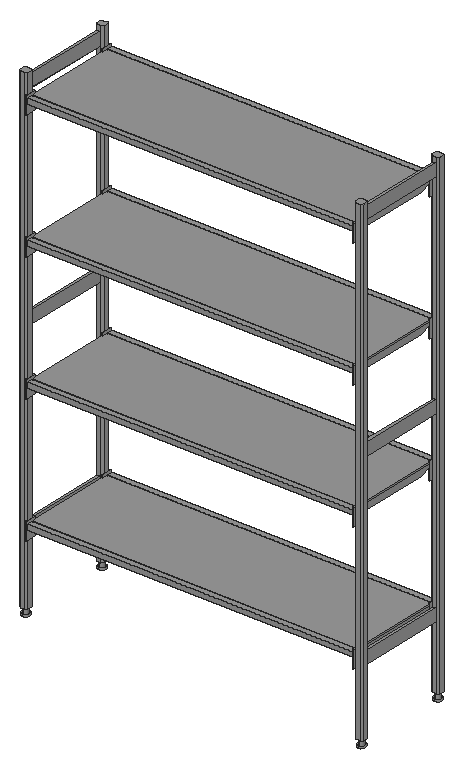
Revit family "QF_ELECTROLUXPROFESSIONAL_137015_ALS1216", category Attrezzature speciali, Revit 2020
Family settings
  Quota connettore circolare = Usa diametro
  Tipo di parte = Normale
  Basato su piano di lavoro = No
  Sempre verticale = Sì
  Taglio con vuoti quando caricato = No
  Condiviso = No
  Punto di calcolo locali = No
Parameters (values of type "Standard")
  Weight = 21.00 kg
  Watts = 0 W
  Volts = 0 V
  URL Manufacturer = "https://www.electroluxprofessional.com/"
  URL = "https://www.electroluxprofessional.com/"
  Steam Supply Size = 0 mm
  Steam Supply Minimum Pressure = 0.0 Pa
  Steam Supply Maximum Pressure = 0.0 Pa
  Steam Consumption per Hour = 0
  Refrigeration Suction Line Size = 0.0 mm
  Refrigeration Liquid Line Size = 0.0 mm
  Refrigerant Compressor Remote = yes
  Prospetto di default = 0.0 mm
  Phase = 0
  Modello = "ALS1216"
  Produttore = "Electrolux Professional"
  Length Actual = 1216.0 mm  # constant formula
  Item Number = "137015"
  Hot Water Size = 0 mm
  Height Actual = 1700.0 mm  # constant formula
  HP = "0 HP"
  Gas Size = 0 mm
  Gas KW = 0
  Gas Input Pressure = 0 W
  Direct Waste Size = 0 mm
  Descrizione = "ALUM.LINEAR SHELV.-POLY.TIERS-373X1216MM"
  Depth Actual = 373.0 mm  # constant formula
  Cycle = 0 Hz
  Condensate Return Size = 0 mm
  Compressed Air Volume = 0.0 L/s
  Compressed Air Size = 0 mm
  Compressed Air Pressure = 0.0 Pa
  Cold Water Size = 0 mm
  Accessory = yes
Reference planes
  plane 1: z = 0
  plane 2 "Center (Left/Right)": x = -31
  plane 3 "LEFT": x = -639
  plane 4 "RIGHT": x = 577
  plane 5 "BACK": y = 23
  plane 6 "FRONT": y = -350
  plane 7 "TOP": z = 1700
  plane 8: x = 572
  plane 9: x = -607
  plane 10: x = 545
  plane 11 "Center (Front/Back)": y = -163.5
  plane 12: x = 540
  plane 13: y = -8.5
  plane 14: y = -318.5
  plane 15 "FEET": z = 25
  plane 16: z = 275
  plane 17: z = 725
  plane 18: z = 1175
  plane 19: z = 1625
  plane 20 "CXLeft": x = -625
  plane 21 "CXRight": x = 563
  plane 22: y = 5.5
  plane 23 "CYBack": y = 5.5
  plane 24 "CYFront": y = -332.5
Forms (mm)
  Extrusion 1, solid, material "QF_Aluminum"
    sketch origin (-639, 0, 0) x (0, 1, 0) y (0, 0, 1)
      loop
        line (4, 1650.994) -> (4, 1632.998) -> (23, 1632.998) -> (23, 1650.994) -> (4, 1650.994)
      loop
        line (-331, 1650.994) -> (-350, 1650.994) -> (-350, 1632.998) -> (-331, 1632.998) -> (-331, 1650.994)
      loop
        line (4, 1200.994) -> (4, 1182.998) -> (23, 1182.998) -> (23, 1200.994) -> (4, 1200.994)
      loop
        line (-331, 1200.994) -> (-350, 1200.994) -> (-350, 1182.998) -> (-331, 1182.998) -> (-331, 1200.994)
      loop
        line (4, 750.994) -> (4, 732.998) -> (23, 732.998) -> (23, 750.994) -> (4, 750.994)
      loop
        line (-331, 750.994) -> (-350, 750.994) -> (-350, 732.998) -> (-331, 732.998) -> (-331, 750.994)
      loop
        line (4, 300.994) -> (4, 282.998) -> (23, 282.998) -> (23, 300.994) -> (4, 300.994)
      loop
        line (-331, 300.994) -> (-350, 300.994) -> (-350, 282.998) -> (-331, 282.998) -> (-331, 300.994)
    from 32 to 1184
  Extrusion 2, solid, material "QF_Polyethylene"
    sketch origin (-639, 0, 0) x (0, 1, 0) y (0, 0, 1)
      loop
        line (2.007, 1650.994) -> (-329, 1650.994) -> (-329, 1644.496) -> (2.007, 1644.496) -> (2.007, 1650.994)
      loop
        line (2.007, 1200.994) -> (-329, 1200.994) -> (-329, 1194.496) -> (2.007, 1194.496) -> (2.007, 1200.994)
      loop
        line (2.007, 750.994) -> (-329, 750.994) -> (-329, 744.496) -> (2.007, 744.496) -> (2.007, 750.994)
      loop
        line (2.007, 300.994) -> (-329, 300.994) -> (-329, 294.496) -> (2.007, 294.496) -> (2.007, 300.994)
    from 32 to 1184
  Extrusion 3, solid, material "QF_Aluminum"
    sketch origin (577, 0, 0) x (0, 1, 0) y (0, 0, 1)
      loop
        line (-12, 1632.998) -> (4, 1632.998) -> (4, 1650.994) -> (2.007, 1650.994) -> (2.007, 1644.496) -> (-329, 1644.496) -> (-329, 1650.994) -> (-331, 1650.994) -> (-331, 1632.998) -> (-315, 1632.998) -> (-281, 1620.994) -> (-46, 1620.994) -> (-12, 1632.998)
      loop
        line (-12, 1182.998) -> (4, 1182.998) -> (4, 1200.994) -> (2.007, 1200.994) -> (2.007, 1194.496) -> (-329, 1194.496) -> (-329, 1200.994) -> (-331, 1200.994) -> (-331, 1182.998) -> (-315, 1182.998) -> (-281, 1170.994) -> (-46, 1170.994) -> (-12, 1182.998)
      loop
        line (-12, 732.998) -> (4, 732.998) -> (4, 750.994) -> (2.007, 750.994) -> (2.007, 744.496) -> (-329, 744.496) -> (-329, 750.994) -> (-331, 750.994) -> (-331, 732.998) -> (-315, 732.998) -> (-281, 720.994) -> (-46, 720.994) -> (-12, 732.998)
      loop
        line (-12, 282.998) -> (4, 282.998) -> (4, 300.994) -> (2.007, 300.994) -> (2.007, 294.496) -> (-329, 294.496) -> (-329, 300.994) -> (-331, 300.994) -> (-331, 282.998) -> (-315, 282.998) -> (-281, 270.994) -> (-46, 270.994) -> (-12, 282.998)
    from -32 to -37
Lines and regions (mm)
  symbolic lines
    curve 1: line (545, 4, 1700) -> (-607, 4, 1700)
    curve 2: line (-611, 23, 1700) -> (549, 23, 1700)
    curve 3: line (549, 13.246, 1700) -> (555.254, 19.5, 1700)
    curve 4: line (555.254, -8.5, 1700) -> (549, -2.246, 1700)
    curve 5: line (555.254, -318.5, 1700) -> (549, -324.754, 1700)
    curve 6: line (-611, -350, 1700) -> (549, -350, 1700)
    curve 7: line (549, 23, 1700) -> (549, -12.993, 1700)
    curve 8: line (549, -12.993, 1700) -> (545, -12.993, 1700)
    curve 9: line (549, -350, 1700) -> (549, -314.007, 1700)
    curve 10: line (549, -314.007, 1700) -> (545, -314.007, 1700)
    curve 11: line (-607, -12.993, 1700) -> (-607, -314.007, 1700)
    curve 12: line (-607, -331, 1700) -> (545, -331, 1700)
    curve 13: line (545, -12.993, 1700) -> (545, -314.007, 1700)
Dimensions and locks
  locked: plane 3 "LEFT" to plane 4 "RIGHT" at 1216
  equal spacing: plane 3 "LEFT", plane 2 "Center (Left/Right)", plane 4 "RIGHT"
  locked: plane 7 "TOP" to level at 1700
  locked: plane 5 "BACK" to plane 6 "FRONT" at 373
  locked: plane 4 "RIGHT" to plane 8 at 5
  locked: plane 9 to plane 10 at 1152
  locked: plane 3 "LEFT" to plane 9 at 32
  plane 12 to plane 10 = 5.0 mm
  locked: plane 13 to plane 14 at 310
  equal spacing: plane 13, plane 11 "Center (Front/Back)", plane 14
  equal spacing: plane 5 "BACK", plane 11 "Center (Front/Back)", plane 6 "FRONT"
  plane 15 "FEET" to level = 25.0 mm
  plane 7 "TOP" to plane 15 "FEET" = 1675.0 mm
  plane 16 to plane 15 "FEET" = 250.0 mm
  plane 17 to plane 16 = 450.0 mm
  plane 18 to plane 17 = 450.0 mm
  plane 19 to plane 18 = 450.0 mm
  locked: plane 3 "LEFT" to plane 20 "CXLeft" at 14
  locked: plane 21 "CXRight" to plane 4 "RIGHT" at 14
  locked: plane 5 "BACK" to plane 23 "CYBack" at 17.5
  locked: plane 24 "CYFront" to plane 6 "FRONT" at 17.5
  aligned and locked: level to plane 1
  aligned and locked: plane 9 to Extrusion 2
  aligned and locked: Extrusion 2 to plane 10
  aligned and locked: plane 9 to Extrusion 1
  aligned and locked: Extrusion 1 to plane 10
  aligned and locked: Extrusion 1 sketch curve to Extrusion 1 sketch curve  (x2)
  aligned and locked: Extrusion 3 sketch curve to Extrusion 3 sketch curve  (x3)
  aligned and locked: Extrusion 3 to plane 12
  aligned and locked: Extrusion 3 to plane 10
  aligned and locked: plane 20 "CXLeft" to nested 1
  aligned and locked: plane 21 "CXRight" to nested 2
Automatic sketch dimensions
  Extrusion 1 sketch curve to plane 6 "FRONT" = 0.0 mm  (x4)
  Extrusion 1 sketch curve to plane 5 "BACK" = 0.0 mm  (x4)
  plane 24 "CYFront" to Extrusion 1 sketch curve = 1.5 mm  (x2)
  plane 22 to Extrusion 1 sketch curve = 1.5 mm  (x4)
  plane 16 to Extrusion 1 sketch curve = 7.998 mm  (x2)
  Extrusion 1 sketch curve to Extrusion 1 sketch curve = 17.997 mm  (x8)
  plane 17 to Extrusion 1 sketch curve = 7.998 mm  (x2)
  plane 18 to Extrusion 1 sketch curve = 7.998 mm  (x2)
  plane 19 to Extrusion 1 sketch curve = 7.998 mm  (x2)
  plane 24 "CYFront" to Extrusion 2 sketch curve = 3.5 mm  (x4)
  plane 22 to Extrusion 2 sketch curve = 3.493 mm  (x4)
  plane 16 to Extrusion 2 sketch curve = 19.496 mm
  Extrusion 2 sketch curve to Extrusion 2 sketch curve = 6.499 mm  (x4)
  plane 17 to Extrusion 2 sketch curve = 19.496 mm
  plane 18 to Extrusion 2 sketch curve = 19.496 mm
  plane 19 to Extrusion 2 sketch curve = 19.496 mm
  plane 24 "CYFront" to Extrusion 3 sketch curve = 1.5 mm  (x4)
  Extrusion 3 sketch curve to Extrusion 3 sketch curve = 2.0 mm
  plane 14 to Extrusion 3 sketch curve = 3.5 mm  (x4)
  Extrusion 3 sketch curve to plane 16 = 4.006 mm
  Extrusion 3 sketch curve to Extrusion 3 sketch curve = 34.0 mm  (x4)
  Extrusion 3 sketch curve to plane 17 = 4.006 mm
  Extrusion 3 sketch curve to plane 18 = 4.006 mm
  Extrusion 3 sketch curve to plane 19 = 4.006 mm
  Extrusion 3 sketch curve to plane 13 = 37.5 mm  (x4)
  Extrusion 3 sketch curve to plane 13 = 3.5 mm  (x4)
  plane 22 to Extrusion 3 sketch curve = 3.493 mm  (x4)
  plane 22 to Extrusion 3 sketch curve = 1.5 mm  (x4)
  plane 16 to Extrusion 3 sketch curve = 7.998 mm  (x2)
  Extrusion 3 sketch curve to Extrusion 3 sketch curve = 11.498 mm  (x4)
  Extrusion 3 sketch curve to Extrusion 3 sketch curve = 6.499 mm  (x8)
  plane 17 to Extrusion 3 sketch curve = 7.998 mm  (x2)
  plane 18 to Extrusion 3 sketch curve = 7.998 mm  (x2)
  plane 19 to Extrusion 3 sketch curve = 7.998 mm  (x2)
  curve 6 to plane 6 "FRONT" = 0.0 mm
  curve 12 to plane 9 = 0.0 mm
  curve 12 to plane 10 = 0.0 mm
  curve 5 to plane 14 = 0.0 mm
  curve 11 to plane 9 = 0.0 mm
  curve 8 to plane 10 = 0.0 mm
  curve 4 to plane 13 = 0.0 mm
  curve 1 to plane 9 = 0.0 mm
  curve 1 to plane 10 = 0.0 mm
  curve 2 to plane 5 "BACK" = 0.0 mm
  plane 14 to curve 10 = 4.493 mm
  curve 7 to plane 13 = 4.493 mm
  curve 10 to plane 10 = 4.0 mm
  curve 7 to plane 10 = 4.0 mm
  plane 24 "CYFront" to curve 12 = 1.5 mm
  curve 5 to plane 14 = 6.254 mm
  plane 14 to curve 11 = 4.493 mm
  curve 11 to plane 13 = 4.493 mm
  plane 13 to curve 4 = 6.254 mm
  plane 22 to curve 1 = 1.5 mm
  curve 3 to plane 22 = 7.746 mm
  curve 3 to plane 5 "BACK" = 3.5 mm
  curve 5 to curve 9 = 6.254 mm
  curve 3 to curve 2 = 6.254 mm
  curve 4 to curve 7 = 6.254 mm
  plane 9 to curve 2 = 4.0 mm
  plane 9 to curve 6 = 4.0 mm
Nested families
  nested 1: "WT_Anta373" at (-222, 0, 0), type "WT_Anta373"
  nested 2: "WT_Anta373" at (160, 0, 0) x (-1, 0, 0) z (0, 0, 1), type "WT_Anta373"
Definition of nested family "WT_Anta373"
  Parameters
    WidthLeft = A + 64.0 mm  # 772.0 mm
    Width = 1606.0 mm
    Right = WidthLeft / 2  # 386.0 mm
    Default Elevation = 0.0 mm
    Left = -WidthLeft / 2  # -386.0 mm
    Height = 1725.0 mm
    FEET = 25.0 mm
    E = 0.0 mm
    Dint = Depth - 63.0 mm  # 310.0 mm
    Dext = Depth - 8.0 mm  # 365.0 mm
    Depth = 373.0 mm
    DX = (WidthLeft - A) / 2  # 32.0 mm
    B = 798.0 mm
    A = 708.0 mm
  Reference planes
    plane 1: z = 0
    plane 2 "LEFT": x = -417
    plane 3 "BACK": y = 23
    plane 4 "FRONT": y = -350
    plane 5 "TOP": z = 1725
    plane 6 "Center (Front/Back)": y = -163.5
    plane 7: y = -8.5
    plane 8: y = -318.5
    plane 9 "FEET": z = 25
    plane 10: z = 275
    plane 11: z = 725
    plane 12: z = 1175
    plane 13: z = 1625
    plane 14 "CXLeft": x = -403
    plane 15: y = 5.5
    plane 16 "CYBack": y = 5.5
    plane 17 "CYFront": y = -332.5
    plane 18: x = -385.031
    plane 19: x = -380.031
  Forms (mm)
    Extrusion 1, solid
      sketch origin (0, 0, 0) x (1, 0, 0) y (0, 1, 0)
        loop
          line (-417, 13.246) -> (-417, -2.246) -> (-410.746, -8.5) -> (-395.254, -8.5) -> (-389, -2.246) -> (-389, 13.246) -> (-395.254, 19.5) -> (-410.746, 19.5) -> (-417, 13.246)
      from 1725 to 25
    Extrusion 2, solid
      sketch origin (-417, 0, 0) x (0, 1, 0) y (0, 0, 1)
        loop
          line (23, 246.005) -> (23, 307.993) -> (-12.993, 307.993) -> (-12.993, 246.005) -> (23, 246.005)
        loop
          line (-350, 246.005) -> (-314.007, 246.005) -> (-314.007, 307.993) -> (-350, 307.993) -> (-350, 246.005)
        loop
          line (23, 696.005) -> (23, 757.993) -> (-12.993, 757.993) -> (-12.993, 696.005) -> (23, 696.005)
        loop
          line (-350, 696.005) -> (-314.007, 696.005) -> (-314.007, 757.993) -> (-350, 757.993) -> (-350, 696.005)
        loop
          line (23, 1146.005) -> (23, 1207.993) -> (-12.993, 1207.993) -> (-12.993, 1146.005) -> (23, 1146.005)
        loop
          line (-350, 1146.005) -> (-314.007, 1146.005) -> (-314.007, 1207.993) -> (-350, 1207.993) -> (-350, 1146.005)
        loop
          line (23, 1596.005) -> (23, 1657.993) -> (-12.993, 1657.993) -> (-12.993, 1596.005) -> (23, 1596.005)
        loop
          line (-350, 1596.005) -> (-314.007, 1596.005) -> (-314.007, 1657.993) -> (-350, 1657.993) -> (-350, 1596.005)
      from 28 to 32
    Revolve 3, solid
      sketch origin (-403, 0, 0) x (0, 1, 0) y (0, 0, 1)
        loop
          line (5.5, 25) -> (5.5, 0) -> (19, 0) -> (19, 5) -> (14, 5) -> (14, 25) -> (5.5, 25)
        axis (5.5, 25) -> (5.5, 0)
      angle from 0 to 360
    Extrusion 4, solid
      sketch origin (-403, 0, 0) x (0, 1, 0) y (0, 0, 1)
        loop
          line (-8.5, 912.382) -> (-8.5, 957.374) -> (-318.5, 957.374) -> (-318.5, 912.382) -> (-8.5, 912.382)
        loop
          line (-8.5, 1662.244) -> (-8.5, 1707.236) -> (-318.5, 1707.236) -> (-318.5, 1662.244) -> (-8.5, 1662.244)
      from -5 to 5
    Revolve 5, solid
      sketch origin (-403, -627, 0) x (0, -1, 0) y (0, 0, 1)
        loop
          line (-294.5, 25) -> (-294.5, 0) -> (-281, 0) -> (-281, 5) -> (-286, 5) -> (-286, 25) -> (-294.5, 25)
        axis (-294.5, 25) -> (-294.5, 0)
      angle from 0 to 360
    Extrusion 6, solid
      sketch origin (0, -627, 0) x (1, 0, 0) y (0, 1, 0)
        loop
          line (-417, 286.754) -> (-410.746, 280.5) -> (-395.254, 280.5) -> (-389, 286.754) -> (-389, 302.246) -> (-395.254, 308.5) -> (-410.746, 308.5) -> (-417, 302.246) -> (-417, 286.754)
      from 1725 to 25
    Extrusion 7, solid
      sketch origin (-417.031, -0.022, 0) x (0, 1, 0) y (0, 0, -1)
        loop
          line (-12, -1632.998) -> (-46, -1620.994) -> (-281, -1620.994) -> (-315, -1632.998) -> (-331, -1632.998) -> (-331, -1650.994) -> (-329, -1650.994) -> (-329, -1644.496) -> (2.007, -1644.496) -> (2.007, -1650.994) -> (4, -1650.994) -> (4, -1632.998) -> (-12, -1632.998)
        loop
          line (-12, -1182.998) -> (-46, -1170.994) -> (-281, -1170.994) -> (-315, -1182.998) -> (-331, -1182.998) -> (-331, -1200.994) -> (-329, -1200.994) -> (-329, -1194.496) -> (2.007, -1194.496) -> (2.007, -1200.994) -> (4, -1200.994) -> (4, -1182.998) -> (-12, -1182.998)
        loop
          line (-12, -732.998) -> (-46, -720.994) -> (-281, -720.994) -> (-315, -732.998) -> (-331, -732.998) -> (-331, -750.994) -> (-329, -750.994) -> (-329, -744.496) -> (2.007, -744.496) -> (2.007, -750.994) -> (4, -750.994) -> (4, -732.998) -> (-12, -732.998)
        loop
          line (-12, -282.998) -> (-46, -270.994) -> (-281, -270.994) -> (-315, -282.998) -> (-331, -282.998) -> (-331, -300.994) -> (-329, -300.994) -> (-329, -294.496) -> (2.007, -294.496) -> (2.007, -300.994) -> (4, -300.994) -> (4, -282.998) -> (-12, -282.998)
      from -32 to -37
    Extrusion 8, solid
      sketch origin (-403, 0, -659.878) x (0, 1, 0) y (0, 0, 1)
        loop
          line (-8.5, 912.382) -> (-8.5, 957.374) -> (-318.5, 957.374) -> (-318.5, 912.382) -> (-8.5, 912.382)
        loop
          line (-8.5, 1572.382) -> (-8.5, 1617.374) -> (-318.5, 1617.374) -> (-318.5, 1572.382) -> (-8.5, 1572.382)
        loop
          line (-8.5, 2322.382) -> (-8.5, 2367.374) -> (-318.5, 2367.374) -> (-318.5, 2322.382) -> (-8.5, 2322.382)
      from -5 to 5
  Lines and regions (mm)
    symbolic lines
      curve 1: line (-408, -8.5, 1725) -> (-408, -318.5, 1725)
      curve 2: line (-398, -318.5, 1725) -> (-398, -8.5, 1725)
      curve 3: line (-395.254, -8.5, 1725) -> (-410.746, -8.5, 1725)
      curve 4: line (-417, -2.246, 1725) -> (-410.746, -8.5, 1725)
      curve 5: line (-417, 13.246, 1725) -> (-417, -2.246, 1725)
      curve 6: line (-410.746, 19.5, 1725) -> (-417, 13.246, 1725)
      curve 7: line (-395.254, 19.5, 1725) -> (-410.746, 19.5, 1725)
      curve 8: line (-389, 13.246, 1725) -> (-395.254, 19.5, 1725)
      curve 9: line (-395.254, -8.5, 1725) -> (-389, -2.246, 1725)
      curve 10: line (-395.254, -318.5, 1725) -> (-410.746, -318.5, 1725)
      curve 11: line (-417, -324.754, 1725) -> (-410.746, -318.5, 1725)
      curve 12: line (-410.746, -346.5, 1725) -> (-417, -340.246, 1725)
      curve 13: line (-395.254, -346.5, 1725) -> (-410.746, -346.5, 1725)
      curve 14: line (-389, -340.246, 1725) -> (-395.254, -346.5, 1725)
      curve 15: line (-395.254, -318.5, 1725) -> (-389, -324.754, 1725)
      curve 16: line (-389, -350, 1725) -> (-389, -314.007, 1725)
      curve 17: line (-389, -314.007, 1725) -> (-385, -314.007, 1725)
      curve 18: line (-389, 23, 1725) -> (-389, -12.993, 1725)
      curve 19: line (-389, -12.993, 1725) -> (-385, -12.993, 1725)
      curve 20: line (-417, -324.754, 1725) -> (-417, -340.246, 1725)
      curve 21: line (-385, -350, 1725) -> (-385, -314.007, 1725)
      curve 22: line (-385, -350, 1725) -> (-389, -350, 1725)
      curve 23: line (-385, 23, 1725) -> (-389, 23, 1725)
      curve 24: line (-385, -12.993, 1725) -> (-385, 23, 1725)
      curve 25: line (-385.031, -13.016, 1725) -> (-385.031, -314.029, 1725)
  Dimensions and locks
    "Height": plane 5 "TOP" to level
    "Depth": plane 3 "BACK" to plane 4 "FRONT"
    "Dint": plane 7 to plane 8
    equal spacing: plane 7, plane 6 "Center (Front/Back)", plane 8
    equal spacing: plane 3 "BACK", plane 6 "Center (Front/Back)", plane 4 "FRONT"
    plane 9 "FEET" to level = 25.0 mm
    plane 5 "TOP" to plane 9 "FEET" = 1700.0 mm
    plane 10 to plane 9 "FEET" = 250.0 mm
    plane 11 to plane 10 = 450.0 mm
    plane 12 to plane 11 = 450.0 mm
    plane 13 to plane 12 = 450.0 mm
    locked: plane 2 "LEFT" to plane 14 "CXLeft" at 14
    locked: plane 3 "BACK" to plane 16 "CYBack" at 17.5
    locked: plane 17 "CYFront" to plane 4 "FRONT" at 17.5
    locked: Revolve 3 sketch curve to Revolve 3 sketch curve at 8.5
    locked: Revolve 3 sketch curve to plane 16 "CYBack" at 13.5
    locked: Revolve 5 sketch curve to Revolve 5 sketch curve at 8.5
    aligned and locked: level to plane 1
    aligned and locked: curve 20 to Extrusion 6
    aligned and locked: plane 5 "TOP" to Extrusion 1
    aligned and locked: plane 5 "TOP" to Extrusion 6
    aligned and locked: Extrusion 7 sketch curve to Extrusion 7 sketch curve  (x3)
  Automatic sketch dimensions
    curve 16 to plane 4 "FRONT" = 0.0 mm
    curve 11 to plane 8 = 0.0 mm
    curve 9 to plane 7 = 0.0 mm
    curve 5 to plane 2 "LEFT" = 0.0 mm
    curve 23 to plane 3 "BACK" = 0.0 mm
    plane 4 "FRONT" to curve 13 = 3.5 mm
    curve 20 to plane 17 "CYFront" = 7.746 mm
    curve 20 to plane 8 = 6.254 mm
    plane 8 to curve 16 = 4.493 mm
    curve 24 to plane 18 = 0.031 mm
    curve 24 to plane 7 = 4.493 mm
    plane 7 to curve 5 = 6.254 mm
    curve 5 to plane 15 = 7.746 mm
    curve 6 to plane 3 "BACK" = 3.5 mm
    curve 21 to plane 18 = 0.031 mm
    plane 18 to curve 23 = 3.969 mm
    plane 18 to curve 16 = 3.969 mm
    curve 18 to curve 8 = 6.254 mm
    curve 18 to curve 3 = 6.254 mm
    curve 16 to curve 13 = 6.254 mm
    curve 16 to curve 15 = 6.254 mm
    plane 2 "LEFT" to curve 10 = 6.254 mm
    plane 2 "LEFT" to curve 7 = 6.254 mm
    plane 2 "LEFT" to curve 12 = 6.254 mm
    plane 2 "LEFT" to curve 3 = 6.254 mm
    curve 14 to plane 17 "CYFront" = 7.746 mm
    curve 15 to plane 8 = 6.254 mm
    plane 7 to curve 9 = 6.254 mm
    curve 8 to plane 15 = 7.746 mm
    curve 3 to curve 2 = 2.746 mm
    curve 1 to curve 10 = 2.746 mm
    Extrusion 1 sketch curve to plane 2 "LEFT" = 0.0 mm
    Extrusion 1 sketch curve to plane 7 = 0.0 mm
    plane 2 "LEFT" to Extrusion 1 sketch curve = 6.254 mm  (x2)
    plane 14 "CXLeft" to Extrusion 1 sketch curve = 7.746 mm  (x2)
    Extrusion 1 sketch curve to plane 3 "BACK" = 3.5 mm
    plane 18 to Extrusion 1 sketch curve = 3.969 mm
    plane 7 to Extrusion 1 sketch curve = 6.254 mm  (x2)
    Extrusion 1 sketch curve to plane 15 = 7.746 mm  (x2)
    Extrusion 2 sketch curve to plane 4 "FRONT" = 0.0 mm  (x4)
    Extrusion 2 sketch curve to plane 3 "BACK" = 0.0 mm  (x4)
    plane 8 to Extrusion 2 sketch curve = 4.493 mm  (x4)
    Extrusion 2 sketch curve to plane 7 = 4.493 mm  (x4)
    Extrusion 2 sketch curve to plane 10 = 28.995 mm  (x2)
    plane 10 to Extrusion 2 sketch curve = 32.993 mm  (x2)
    Extrusion 2 sketch curve to plane 11 = 28.995 mm  (x2)
    plane 11 to Extrusion 2 sketch curve = 32.993 mm  (x2)
    Extrusion 2 sketch curve to plane 12 = 28.995 mm  (x2)
    plane 12 to Extrusion 2 sketch curve = 32.993 mm  (x2)
    Extrusion 2 sketch curve to plane 13 = 28.995 mm  (x2)
    plane 13 to Extrusion 2 sketch curve = 32.993 mm  (x2)
    Revolve 3 sketch curve to plane 9 "FEET" = 0.0 mm  (x2)
    Revolve 3 sketch curve to plane 15 = 0.0 mm  (x2)
    Revolve 3 sketch curve to level = 0.0 mm
    level to Revolve 3 sketch curve = 5.0 mm
    Revolve 3 sketch curve to Revolve 3 sketch curve = 11.655 mm
    Extrusion 4 sketch curve to plane 8 = 0.0 mm  (x2)
    Extrusion 4 sketch curve to plane 7 = 0.0 mm  (x2)
    plane 11 to Extrusion 4 sketch curve = 187.382 mm
    Extrusion 4 sketch curve to Extrusion 4 sketch curve = 44.992 mm
    plane 13 to Extrusion 4 sketch curve = 37.244 mm
    Extrusion 4 sketch curve to plane 5 "TOP" = 17.764 mm
    Revolve 5 sketch curve to plane 9 "FEET" = 0.0 mm  (x2)
    Revolve 5 sketch curve to plane 17 "CYFront" = 0.0 mm  (x2)
    Revolve 5 sketch curve to level = 0.0 mm
    Revolve 5 sketch curve to plane 4 "FRONT" = 4.0 mm
    Revolve 5 sketch curve to Revolve 5 sketch curve = 5.0 mm
    level to Revolve 5 sketch curve = 11.655 mm
    Extrusion 6 sketch curve to plane 2 "LEFT" = 0.0 mm
    Extrusion 6 sketch curve to plane 8 = 0.0 mm
    Extrusion 6 sketch curve to plane 2 "LEFT" = 6.254 mm  (x2)
    Extrusion 6 sketch curve to plane 14 "CXLeft" = 7.746 mm  (x2)
    Extrusion 6 sketch curve to plane 4 "FRONT" = 3.5 mm
    Extrusion 6 sketch curve to plane 18 = 3.969 mm
    plane 8 to Extrusion 6 sketch curve = 6.254 mm  (x2)
    plane 17 "CYFront" to Extrusion 6 sketch curve = 7.746 mm  (x2)
    plane 17 "CYFront" to Extrusion 7 sketch curve = 1.478 mm  (x4)
    Extrusion 7 sketch curve to Extrusion 7 sketch curve = 2.0 mm
    plane 8 to Extrusion 7 sketch curve = 3.478 mm  (x4)
    Extrusion 7 sketch curve to plane 10 = 4.006 mm
    Extrusion 7 sketch curve to Extrusion 7 sketch curve = 34.0 mm  (x4)
    Extrusion 7 sketch curve to plane 11 = 4.006 mm
    Extrusion 7 sketch curve to plane 12 = 4.006 mm
    Extrusion 7 sketch curve to plane 13 = 4.006 mm
    Extrusion 7 sketch curve to plane 7 = 37.522 mm  (x4)
    Extrusion 7 sketch curve to plane 7 = 3.522 mm  (x4)
    plane 15 to Extrusion 7 sketch curve = 3.516 mm  (x4)
    plane 15 to Extrusion 7 sketch curve = 1.522 mm  (x4)
    plane 13 to Extrusion 7 sketch curve = 7.998 mm  (x2)
    Extrusion 7 sketch curve to Extrusion 7 sketch curve = 11.498 mm
    Extrusion 7 sketch curve to Extrusion 7 sketch curve = 6.499 mm  (x5)
    plane 12 to Extrusion 7 sketch curve = 25.994 mm  (x2)
    plane 12 to Extrusion 7 sketch curve = 7.998 mm  (x2)
    plane 11 to Extrusion 7 sketch curve = 25.994 mm  (x2)
    plane 11 to Extrusion 7 sketch curve = 7.998 mm  (x2)
    plane 10 to Extrusion 7 sketch curve = 25.994 mm  (x2)
    plane 10 to Extrusion 7 sketch curve = 7.998 mm  (x2)
    curve 25 to plane 18 = 0.0 mm
    plane 8 to curve 25 = 4.471 mm
    curve 25 to plane 7 = 4.516 mm
    Extrusion 8 sketch curve to plane 8 = 0.0 mm  (x3)
    Extrusion 8 sketch curve to plane 7 = 0.0 mm  (x3)
    Extrusion 8 sketch curve to plane 10 = 22.496 mm
    plane 10 to Extrusion 8 sketch curve = 22.496 mm
    plane 11 to Extrusion 8 sketch curve = 187.504 mm
    Extrusion 8 sketch curve to Extrusion 8 sketch curve = 44.992 mm
    plane 13 to Extrusion 8 sketch curve = 37.504 mm
    Extrusion 8 sketch curve to plane 5 "TOP" = 17.504 mm
